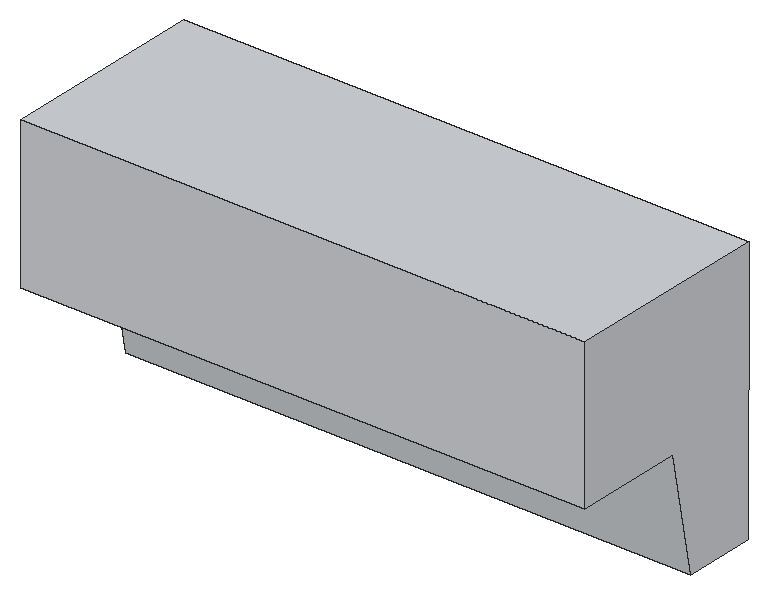
Revit family "5ed4e49776c84a2aa92d2205e0ab250f", category Mechanical Equipment, Revit 2021
Family settings
  Round Connector Dimension = Use Diameter
  Part Type = Normal
  OmniClass Number = 23.75.70.21.17
  OmniClass Title = Air Curtains
  Seek Item ID = Air Curtain - Electric-Heated-0000-USA-ENU
  Work Plane-Based = No
  Always vertical = Yes
  Cut with Voids When Loaded = No
  Shared = No
  Room Calculation Point = No
Parameters (values of type "0-2670 CFM")
  Voltage = 208 V
  Number of Poles = 3
  Load Classification = Heating
  Default Elevation = 0' - 0"
  Apparent Load = 12000 VA
  Air Curtain Material = none
  Air Curtain Length = 3' - 0"
Types (4): name | Apparent Load | Air Curtain Material | Air Curtain Length
  (no name) | 12000 VA | none | 3' - 0"
  0-2670 CFM | 12000 VA | none | 3' - 0"
  2671-4510 CFM | 18000 VA | none | 4' - 0"
  4511-5645 CFM | 24000 VA | Default | 5' - 0"
Reference planes (in)
  plane 1 "Center (Front/Back)": y = 0
  plane 2: z = 0
  plane 3 "Center (Left/Right)": x = 0
  plane 4: x = 36
  plane 5: z = 17
  plane 6: y = 13
  plane 7: z = 7.4375
  plane 8: y = 7
  plane 9: y = 8.4375
  plane 10: z = 10.4375
  plane 11: y = 3
Forms (in)
  Extrusion 1, solid, material <- "Air Curtain Material"
    sketch origin (0, 0, 0) x (0, 1, 0) y (0, 0, 1)
      loop
        line (13, 17) -> (0, 17) -> (0, 7.4375) -> (7, 7.4375) -> (8.4375, 0) -> (13, 0) -> (13, 17)
    from 0 to 36
  Extrusion 2, solid, material <- "Air Curtain Material"
    sketch origin (0, 0, 0) x (0, 1, 0) y (0, 0, 1)
      loop
        circle (3, 10.4375) r 0.75
    from 0 to 0.76109
Cuts and joins
  joined: Extrusion 1, Extrusion 2
Lines and regions (in)
  model lines
    curve 1: line (0.8125, 0, 16.1875) -> (35.1875, 0, 16.1875)
    curve 2: line (0.8125, 0, 8.25) -> (0.8125, 0, 16.1875)
    curve 3: line (35.1875, 0, 8.25) -> (0.8125, 0, 8.25)
    curve 4: line (35.1875, 0, 16.1875) -> (35.1875, 0, 8.25)
    curve 5: line (0.8125, 0, 9.24219) -> (35.1875, 0, 9.24219)
    curve 6: line (0.8125, 0, 15.19531) -> (35.1875, 0, 15.19531)
    curve 7: line (0.8125, 0, 14.20313) -> (35.1875, 0, 14.20313)
    curve 8: line (0.8125, 0, 13.21094) -> (35.1875, 0, 13.21094)
    curve 9: line (0.8125, 0, 12.21875) -> (35.1875, 0, 12.21875)
    curve 10: line (0.8125, 0, 11.22656) -> (35.1875, 0, 11.22656)
    curve 11: line (0.8125, 0, 10.23438) -> (35.1875, 0, 10.23438)
Dimensions and locks (in)
  "Air Curtain Length": plane 3 "Center (Left/Right)" to plane 4
  locked: plane 2 to plane 5 at 17
  locked: plane 6 to plane 1 "Center (Front/Back)" at 13
  locked: plane 5 to plane 7 at 9.5625
  locked: plane 8 to plane 1 "Center (Front/Back)" at 7
  locked: plane 6 to plane 9 at 4.5625
  locked: plane 10 to plane 7 at 3
  locked: plane 11 to plane 1 "Center (Front/Back)" at 3
  locked: Extrusion 2 to Extrusion 2 at 0.76109
  locked: curve 2 to plane 3 "Center (Left/Right)" at 0.8125
  locked: plane 5 to curve 1 at 0.8125
  locked: curve 4 to plane 4 at 0.8125
  locked: curve 3 to plane 7 at 0.8125
  equal spacing: curve 1, curve 6, curve 7, curve 8, curve 9, curve 10, curve 11, curve 5, curve 3
  radius of Extrusion 2 sketch curve = 0' - 0 3/4"
  aligned and locked: plane 2 to Extrusion 1 sketch curve
  aligned and locked: Extrusion 1 sketch curve to plane 6
  aligned and locked: plane 7 to Extrusion 1 sketch curve
  aligned and locked: plane 5 to Extrusion 1 sketch curve
  aligned and locked: Extrusion 1 sketch curve to plane 1 "Center (Front/Back)"
  aligned and locked: plane 8 to Extrusion 1 sketch curve
  aligned and locked: Extrusion 1 to plane 4
  aligned and locked: Extrusion 1 to plane 3 "Center (Left/Right)"
  aligned and locked: plane 10 to Extrusion 2 sketch curve
  aligned and locked: plane 11 to Extrusion 2 sketch curve
  aligned and locked: Extrusion 2 to plane 3 "Center (Left/Right)"
Automatic sketch dimensions
  Extrusion 1 sketch curve to plane 9 = 0' - 0"
Connectors (in)
  electrical at (0, 3, 10.4375), driven by "Apparent Load", driven by "Voltage", driven by "Number of Poles", driven by "Load Classification"
    settings: on Extrusion 2, index 3, voltage 208 V, apparent load 12000 VA, apparent load phase1 0 VA, apparent load phase2 0 VA, apparent load phase3 0 VA, power factor 0.8, load classification "Heating", number of poles 3, system type 30, power factor state 1, is connector primary yes, connector utility no, sub classification motor no, connector description ""
